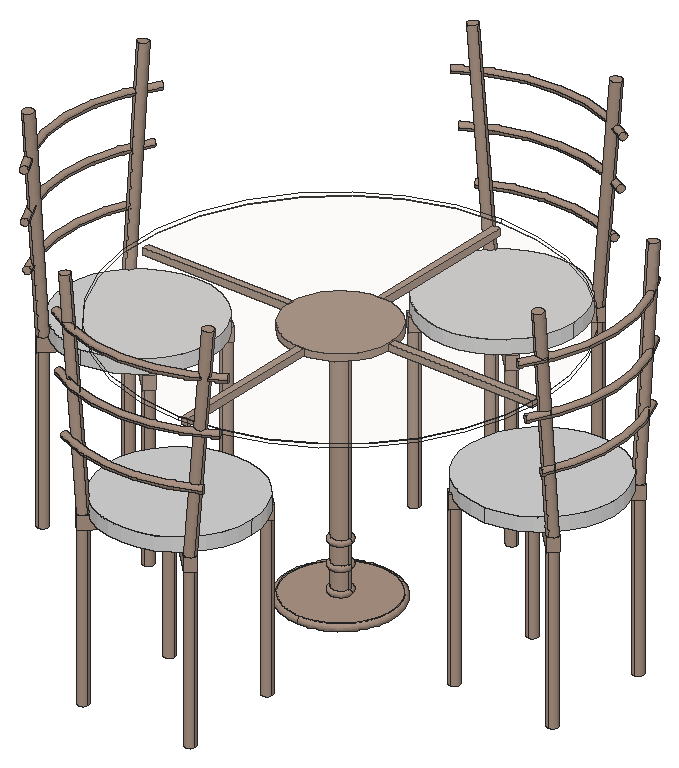
Revit family
Reference planes
  plane 1 "Center (Front/Back)": y = 0
  plane 2: z = 0
  plane 3 "Center (Left/Right)": x = 0
Dimensions and locks
  aligned and locked: nested 1 to nested 4
  aligned and locked: plane 3 "Center (Left/Right)" to nested 2
  aligned and locked: nested 1 to nested 2
  aligned and locked: plane 1 "Center (Front/Back)" to nested 5
  aligned and locked: nested 1 to nested 5
  aligned and locked: nested 3 to plane 3 "Center (Left/Right)"
  aligned and locked: nested 1 to nested 3
Nested families
  nested 1: "M_Furn - Dining Table - Circular" at (0, 0, 0), type "1000 mm dia"
    with Diameter-Glass 1200 mm
  nested 2: "M_Furn - Chair 1" at (0, 600, 0), type "430 mm dia"
  nested 3: "M_Furn - Chair 1" at (0, -600, 0), type "430 mm dia"
  nested 4: "M_Furn - Chair 1" at (-600, 0, 0) x (0, 1, 0) z (0, 0, 1), type "430 mm dia"
  nested 5: "M_Furn - Chair 1" at (600, 0, 0) x (0, 1, 0) z (0, 0, 1), type "430 mm dia"
Definition of nested family "M_Furn - Dining Table - Circular"
  Parameters (values of type "1000 mm dia")
    Top Material = Glass-Top
    Base Material = Wood
    Height = 750 mm
    Diameter-Base = 300 mm
    Diameter-Glass = 1000 mm
  Reference planes
    plane 1 "Center (Front/Back)": y = 0
    plane 2: z = 0
    plane 3 "Center (Left/Right)": x = 0
    plane 4: x = -500
    plane 5: x = 500
    plane 6: y = 500
    plane 7: y = -500
    plane 8: z = 750
    plane 9: y = 150
    plane 10: y = -150
    plane 11: x = -150
    plane 12: x = 150
  Forms (mm)
    Extrusion 1, solid, material "Glass-Top" <- "Top Material"
      sketch origin (0, 0, 750) x (0, 1, 0) y (-1, 0, 0)
        loop
          circle (0, 0) r 500
      from 0 to -12
    Extrusion 2, solid, material "Wood" <- "Base Material"
      sketch origin (0, 0, 750) x (0, 1, 0) y (-1, 0, 0)
        loop
          circle (0, 0) r 150
      from -12 to -32
    Extrusion 3, solid, material "Wood" <- "Base Material"
      sketch origin (0, 0, 0) x (1, 0, 0) y (0, 1, 0)
        loop
          circle (0, 0) r 150
      from 0 to 20
    Extrusion 4, solid, material "Wood" <- "Base Material"
      sketch origin (0, 0, 0) x (1, 0, 0) y (0, 1, 0)
        loop
          circle (0, 0) r 24.87
      from 20 to 718
    Sweep 5, solid, material "Wood" <- "Base Material"
      path in 3D
        loop
          arc (0, 150, 20) -> (150, 0, 20) -> (0, -150, 20) r 150
          arc (0, -150, 20) -> (-150, 0, 20) -> (0, 150, 20) r 150
      profile origin (0, 0, 0) x (-1, 0, 0) y (0, 0, 1)
        loop
          line (150, 20) -> (150, 0)
          arc (150, 0) -> (160, 10) -> (150, 20) r 10
    Sweep 6, solid, material "Wood" <- "Base Material"
      path in 3D
        loop
          arc (24.87, 0, 718) -> (0, -24.87, 718) -> (-24.87, 0, 718) r 24.87
          arc (-24.87, 0, 718) -> (0, 24.87, 718) -> (24.87, 0, 718) r 24.87
      profile origin (0, 0, 0) x (0, 1, 0) y (0, 0, 1)
        loop
          line (24.87, 718) -> (24.87, 702.551)
          arc (24.87, 702.551) -> (32.594, 710.275) -> (24.87, 718) r 7.725
    Sweep 7, solid, material "Wood" <- "Base Material"
      path in 3D
        loop
          arc (24.87, 0, 718) -> (0, -24.87, 718) -> (-24.87, 0, 718) r 24.87
          arc (-24.87, 0, 718) -> (0, 24.87, 718) -> (24.87, 0, 718) r 24.87
      profile origin (0, 0, 0) x (0, 1, 0) y (0, 0, 1)
        loop
          arc (24.87, 20) -> (32.582, 27.713) -> (24.87, 35.425) r 7.713
          line (24.87, 35.425) -> (24.87, 20)
    Sweep 8, solid, material "Wood" <- "Base Material"
      path in 3D
        loop
          arc (-24.87, 0, 305.149) -> (0, 24.87, 305.149) -> (24.87, 0, 305.149) r 24.87
          arc (24.87, 0, 305.149) -> (0, -24.87, 305.149) -> (-24.87, 0, 305.149) r 24.87
      profile origin (0, 0, 0) x (0, -1, 0) y (0, 0, 1)
        loop
          line (24.859, 169.99) -> (24.859, 155)
          arc (24.859, 155) -> (32.354, 162.495) -> (24.859, 169.99) r 7.495
    Sweep 9, solid, material "Wood" <- "Base Material"
      path in 3D
        loop
          arc (-24.87, 0, 237.866) -> (0, 24.87, 237.866) -> (24.87, 0, 237.866) r 24.87
          arc (24.87, 0, 237.866) -> (0, -24.87, 237.866) -> (-24.87, 0, 237.866) r 24.87
      profile origin (0, 0, 0) x (0, -1, 0) y (0, 0, 1)
        loop
          line (24.859, 102.707) -> (24.859, 87.718)
          arc (24.859, 87.718) -> (32.354, 95.213) -> (24.859, 102.707) r 7.495
    Extrusion 10, solid, material "Wood" <- "Base Material"
      sketch origin (0, 0, 750) x (0, 1, 0) y (-1, 0, 0)
        loop
          line (478.939, 10) -> (149.687, 10)
          arc (149.687, 10) -> (150.014, 0) -> (149.687, -10) r 153.253
          line (149.687, -10) -> (478.939, -10)
          arc (478.939, -10) -> (480, 0) -> (478.939, 10) r 47.662
      from -12 to -32
    Extrusion 11, solid, material "Wood" <- "Base Material"
      sketch origin (0, 0, 750) x (0, -1, 0) y (1, 0, 0)
        loop
          arc (478.939, -10) -> (480, 0) -> (478.939, 10) r 47.662
          line (478.939, 10) -> (149.687, 10)
          arc (149.687, 10) -> (150.014, 0) -> (149.687, -10) r 153.253
          line (149.687, -10) -> (478.939, -10)
      from -12 to -32
    Extrusion 12, solid, material "Wood" <- "Base Material"
      sketch origin (0, 0, 750) x (0, 1, 0) y (-1, 0, 0)
        loop
          line (10, -479.456) -> (10, -148.524)
          arc (10, -148.524) -> (0, -148.943) -> (-10, -148.524) r 119.448
          line (-10, -148.524) -> (-10, -479.456)
          arc (-10, -479.456) -> (0, -480.308) -> (10, -479.456) r 59.12
      from -12 to -32
    Extrusion 13, solid, material "Wood" <- "Base Material"
      sketch origin (0, 0, 750) x (0, 1, 0) y (-1, 0, 0)
        loop
          arc (10, 479.456) -> (0, 480.308) -> (-10, 479.456) r 59.12
          line (-10, 479.456) -> (-10, 149.703)
          arc (-10, 149.703) -> (0, 150.123) -> (10, 149.703) r 119.448
          line (10, 149.703) -> (10, 479.456)
      from -12 to -32
  Lines and regions (mm)
    sketch lines
      curve 1: arc (0, -150, 20) -> (-150, 0, 20) -> (0, 150, 20) r 150
      curve 2: arc (0, 150, 20) -> (150, 0, 20) -> (0, -150, 20) r 150
      curve 3: arc (-24.87, 0, 718) -> (0, 24.87, 718) -> (24.87, 0, 718) r 24.87
      curve 4: arc (24.87, 0, 718) -> (0, -24.87, 718) -> (-24.87, 0, 718) r 24.87
      curve 5: arc (-24.87, 0, 718) -> (0, 24.87, 718) -> (24.87, 0, 718) r 24.87
      curve 6: arc (24.87, 0, 718) -> (0, -24.87, 718) -> (-24.87, 0, 718) r 24.87
      curve 7: arc (24.87, 0, 305.149) -> (0, -24.87, 305.149) -> (-24.87, 0, 305.149) r 24.87
      curve 8: arc (-24.87, 0, 305.149) -> (0, 24.87, 305.149) -> (24.87, 0, 305.149) r 24.87
      curve 9: arc (24.87, 0, 237.866) -> (0, -24.87, 237.866) -> (-24.87, 0, 237.866) r 24.87
      curve 10: arc (-24.87, 0, 237.866) -> (0, 24.87, 237.866) -> (24.87, 0, 237.866) r 24.87
    symbolic lines
      curve 11: arc (0, 500, 0) -> (-500, 0, 0) -> (0, -500, 0) r 500
      curve 12: arc (0, 500, 0) -> (-500, 0, 0) -> (0, -500, 0) r 500
      curve 13: arc (0, -500, 0) -> (500, 0, 0) -> (0, 500, 0) r 500
      curve 14: arc (0, 150, 0) -> (-150, 0, 0) -> (0, -150, 0) r 150
      curve 15: arc (0, -150, 0) -> (150, 0, 0) -> (0, 150, 0) r 150
  Dimensions and locks
    equal spacing: plane 4, plane 3 "Center (Left/Right)", plane 5
    "Diameter-Glass": plane 4 to plane 5
    equal spacing: plane 7, plane 1 "Center (Front/Back)", plane 6
    "Diameter-Glass": plane 7 to plane 6
    equal spacing: plane 9, plane 1 "Center (Front/Back)", plane 10
    "Diameter-Base": plane 9 to plane 10
    equal spacing: plane 11, plane 3 "Center (Left/Right)", plane 12
    "Diameter-Base": plane 11 to plane 12
    "Height": plane 8 to level
    aligned and locked: plane 6 to Extrusion 1 sketch curve
    aligned and locked: plane 7 to Extrusion 1 sketch curve
    aligned and locked: plane 3 "Center (Left/Right)" to Extrusion 2 sketch curve
    aligned and locked: plane 10 to Extrusion 2 sketch curve
    aligned and locked: Extrusion 3 sketch curve to Extrusion 2
    aligned and locked: Extrusion 2 to Extrusion 1
    aligned and locked: Extrusion 4 to Extrusion 2
    aligned and locked: Extrusion 4 to Extrusion 3
    aligned and locked: Extrusion 3 to level
    aligned and locked: profile plane to Sweep 5 sketch curve
    aligned and locked: Extrusion 2 to Sweep 6 sketch curve
    aligned and locked: profile plane to Sweep 6 sketch curve
    aligned and locked: Sweep 7 sketch curve to Extrusion 4
    aligned and locked: Extrusion 10 sketch curve to Extrusion 10 sketch curve
    aligned and locked: Extrusion 11 sketch curve to Extrusion 11 sketch curve
    aligned and locked: Extrusion 13 to Extrusion 1
    aligned and locked: Extrusion 12 to Extrusion 1
    aligned and locked: Extrusion 12 to Extrusion 2
    aligned and locked: Extrusion 2 to Extrusion 13
    aligned and locked: Extrusion 10 to Extrusion 2
    aligned and locked: Extrusion 10 to Extrusion 1
    aligned and locked: Extrusion 2 to Extrusion 11
    aligned and locked: Extrusion 11 to Extrusion 1
    aligned and locked: curve 11 to Extrusion 1
  Automatic sketch dimensions
    Extrusion 1 sketch curve to plane 3 "Center (Left/Right)" = 0 mm
    Extrusion 2 sketch curve to plane 1 "Center (Front/Back)" = 0 mm
    Extrusion 4 sketch curve to plane 1 "Center (Front/Back)" = 0 mm
    Extrusion 4 sketch curve to plane 3 "Center (Left/Right)" = 0 mm
    Sweep 5 sketch curve to Sweep 5 sketch curve = 10 mm
    Sweep 6 sketch curve to Sweep 6 sketch curve = 7.725 mm
    Sweep 7 sketch curve to profile plane = 0 mm
    Sweep 7 sketch curve to Sweep 7 sketch curve = 7.713 mm
    profile plane to Sweep 8 sketch curve = 0.01 mm
    Sweep 8 sketch curve to Sweep 8 sketch curve = 7.495 mm
    profile plane to Sweep 9 sketch curve = 0.01 mm
    Sweep 9 sketch curve to Sweep 9 sketch curve = 7.495 mm
    Extrusion 10 sketch curve to plane 3 "Center (Left/Right)" = 0 mm
    plane 1 "Center (Front/Back)" to Extrusion 10 sketch curve = 3.239 mm
    Extrusion 10 sketch curve to plane 9 = 0.313 mm
    plane 6 to Extrusion 10 sketch curve = 21.061 mm
    plane 3 "Center (Left/Right)" to Extrusion 10 sketch curve = 10 mm
    Extrusion 10 sketch curve to Extrusion 10 sketch curve = 0 mm
    Extrusion 10 sketch curve to Extrusion 10 sketch curve = 46.602 mm
    Extrusion 11 sketch curve to plane 3 "Center (Left/Right)" = 0 mm  (x2)
    Extrusion 11 sketch curve to plane 1 "Center (Front/Back)" = 3.239 mm
    plane 10 to Extrusion 11 sketch curve = 0.313 mm
    Extrusion 11 sketch curve to plane 7 = 67.662 mm
    Extrusion 11 sketch curve to plane 3 "Center (Left/Right)" = 10 mm
    Extrusion 11 sketch curve to plane 7 = 21.061 mm
    Extrusion 12 sketch curve to plane 1 "Center (Front/Back)" = 0 mm  (x2)
    Extrusion 12 sketch curve to plane 12 = 1.476 mm
    plane 1 "Center (Front/Back)" to Extrusion 12 sketch curve = 10 mm
    Extrusion 12 sketch curve to plane 1 "Center (Front/Back)" = 10 mm
    Extrusion 12 sketch curve to plane 5 = 78.811 mm
    Extrusion 12 sketch curve to plane 5 = 20.544 mm
    plane 3 "Center (Left/Right)" to Extrusion 12 sketch curve = 29.495 mm
    Extrusion 13 sketch curve to plane 1 "Center (Front/Back)" = 0 mm  (x2)
    plane 11 to Extrusion 13 sketch curve = 0.297 mm
    plane 1 "Center (Front/Back)" to Extrusion 13 sketch curve = 10 mm
    Extrusion 13 sketch curve to plane 1 "Center (Front/Back)" = 10 mm
    Extrusion 13 sketch curve to plane 3 "Center (Left/Right)" = 30.675 mm
    plane 4 to Extrusion 13 sketch curve = 78.811 mm
    plane 4 to Extrusion 13 sketch curve = 20.544 mm
    curve 14 to plane 3 "Center (Left/Right)" = 0 mm
    curve 15 to plane 1 "Center (Front/Back)" = 0 mm
    curve 15 to plane 10 = 0 mm
    curve 12 to plane 1 "Center (Front/Back)" = 0 mm
    curve 12 to plane 3 "Center (Left/Right)" = 0 mm
    curve 12 to plane 7 = 0 mm
    radius of Extrusion 4 sketch curve = 24.87 mm
Definition of nested family "M_Furn - Chair 1"
  Parameters (values of type "430 mm dia")
    Chair Material = Teak
    Upholstry Material = Cushion
  Reference planes
    plane 1 "Center (Front/Back)": y = 0
    plane 2: z = 0
    plane 3 "Center (Left/Right)": x = 0
    plane 4: y = 158.862
  Forms (mm)
    Extrusion 1, solid, material "Cushion" <- "Upholstry Material"
      sketch origin (0, 0.01, 0) x (1, 0, 0) y (0, 1, 0)
        loop
          circle (0, 0) r 215
      from 509.714 to 549.714
    Extrusion 2, solid, material "Teak" <- "Chair Material"
      sketch origin (0, 0.01, 0) x (1, 0, 0) y (0, 1, 0)
        loop
          line (-166.17, -144.957) -> (-144.957, -166.17) -> (0, -21.213) -> (144.957, -166.17) -> (166.17, -144.957) -> (21.213, 0) -> (180.312, 159.099) -> (159.099, 180.312) -> (0, 21.213) -> (-159.099, 180.312) -> (-180.312, 159.099) -> (-21.213, 0) -> (-166.17, -144.957)
      from 509.714 to 469.714
    Extrusion 3, solid, material "Teak" <- "Chair Material"
      sketch origin (0, 0.01, 0) x (1, 0, 0) y (0, 1, 0)
        loop
          circle (-159.293, 158.906) r 15
        loop
          circle (-145.152, -144.765) r 15
        loop
          circle (145.152, -144.765) r 15
        loop
          circle (159.293, 158.906) r 15
      from 0 to 469.714
    Sweep 4, solid, material "Teak" <- "Chair Material"
      path origin (0, -41.153, 0) x (1, 0, 0) y (0, 1, 0)
        loop
          arc (-232.176, 136.96) -> (-2.745, 209.3) -> (226.686, 136.96) r 400
      profile origin (-2.745, 0, 0) x (0, 1, 0) y (0, 0, 1)
        loop
          circle (215.189, 1000) r 10
    Sweep 5, solid, material "Teak" <- "Chair Material"
      path origin (0, -41.153, -150) x (1, 0, 0) y (0, 1, 0)
        loop
          arc (-217.665, 146.656) -> (-2.745, 209.3) -> (212.175, 146.656) r 400
      profile origin (-2.745, 0, 0) x (0, 1, 0) y (0, 0, 1)
        loop
          circle (215.189, 850) r 10
    Sweep 6, solid, material "Teak" <- "Chair Material"
      path origin (0, -41.153, -300) x (1, 0, 0) y (0, 1, 0)
        loop
          arc (-187.444, 164.104) -> (-2.745, 209.3) -> (181.955, 164.104) r 400
      profile origin (-2.745, 0, 0) x (0, 1, 0) y (0, 0, 1)
        loop
          circle (215.189, 700) r 10
    Sweep 7, solid, material "Teak" <- "Chair Material"
      path origin (49.733, 158.862, 1.048) x (1, 0, 0) y (0, 0, 1)
        loop
          line (109.745, 508.667) -> (163.781, 1126.307)
      profile origin (72.485, 0, 828.509) x (-0.996195, 0, 0.087156) y (0, -1, 0)
        loop
          circle (-114.447, -158.862) r 15
    Sweep 8, solid, material "Teak" <- "Chair Material"
      path origin (-49.733, 158.862, 1.048) x (-1, 0, 0) y (0, 0, -1)
        loop
          line (109.745, -508.667) -> (163.781, -1126.307)
      profile origin (-72.485, 0, 828.509) x (0.996195, 0, 0.087156) y (0, 1, 0)
        loop
          circle (-114.447, 158.862) r 15
  Lines and regions (mm)
    symbolic lines
      curve 1: arc (-264.894, 142.534, 0) -> (-2.745, 225.189, 0) -> (259.404, 142.534, 0) r 457.043
      curve 2: arc (247.933, 126.151, 0) -> (-2.745, 205.189, 0) -> (-253.423, 126.151, 0) r 437.043
      curve 3: line (-264.894, 142.534, 0) -> (-253.423, 126.151, 0)
      curve 4: line (259.404, 142.534, 0) -> (247.933, 126.151, 0)
      curve 5: arc (215, 0.01, 0) -> (0, 215.01, 0) -> (-215, 0.01, 0) r 215
      curve 6: arc (-215, 0.01, 0) -> (0, -214.99, 0) -> (215, 0.01, 0) r 215
  Dimensions and locks
    radius of Extrusion 1 = 215 mm
    aligned and locked: Extrusion 2 sketch curve to Extrusion 2 sketch curve  (x2)
    aligned and locked: Extrusion 3 to Extrusion 2
    aligned and locked: Extrusion 1 to Extrusion 2
